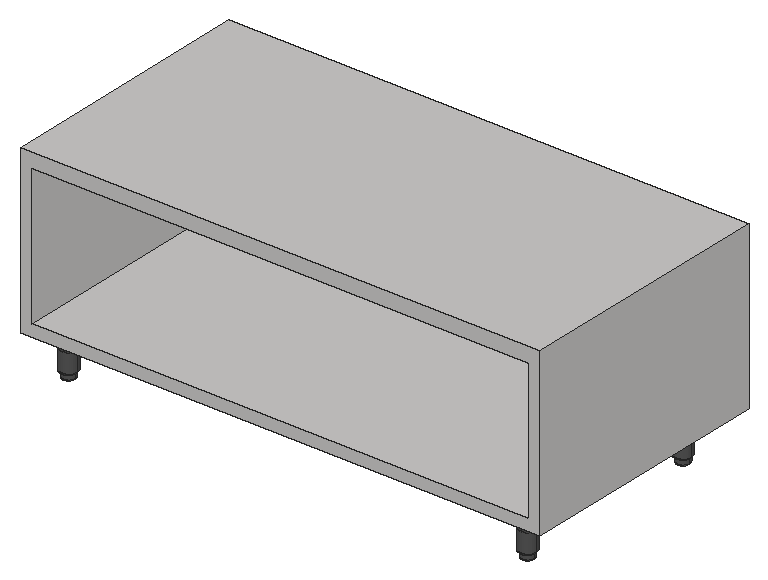
Revit family "QF_CAPIC_PO_W293027", category Equipement spécialisé, Revit 2018
Family settings
  Cote de connecteur circulaire = Utiliser le diamètre
  Type d'élément = Normal
  Numéro OmniClass = 23.40.40.14
  Titre OmniClass = Food Service Equipment
  Basée sur le plan de construction = Non
  Toujours verticalement = Oui
  Couper avec des vides une fois chargée = Non
  Partagée = Non
  Point de calcul de pièce = Non
Parameters (values of type "L=1600mm")
  URL catalogue = "http://www.capic-fr.com/fr/"
  Type de Raccord Plomberie [instance] = ""
  Type de Raccord Electrique [instance] = ""
  Type de Gaz = ""
  Type article [instance] = ""
  Tension = 0 V
  Spécification du Fabricant = ""
  Show Logo = yes
  Remarques evacuation [instance] = ""
  Remarques Plomberie [instance] = ""
  Remarques Electricité [instance] = ""
  Puissance électrique  = 0 W
  Puissance Gaz kW = 0
  Profondeur hors tout = 801 mm
  Pression Maximum Eau Adoucie = 0.0 Pa
  Poids net à vide = 100.00 kg
  Phase = 0
  Modèle = "W293027"
  Longueur hors tout = 1600 mm
  Intensité nominale = 0 A
  Hauteur hors tout = 630 mm
  Hauteur de Raccordement du Sol Finis = 0 mm
  Hauteur de Raccordement Gaz du Sol Finis = 0 mm
  Hauteur de Raccordement Evacuation Directe du Sol Finis = 0 mm
  Hauteur de Raccordement Eau Froide du Sol Finis = 0 mm
  Hauteur de Raccordement Eau Chaude du Sol Finis = 0 mm
  Hauteur de Raccordement Eau Adoucie du Sol Finis = 0 mm
  Fréquence = 0 Hz
  Fabricant = "CAPIC"
  Débit d'air d'extraction = 0.0 m³/h
  Débit Gaz = 0.0 L/s
  Débit Eau Froide = 0.0 L/s
  Débit Eau Chaude = 0.0 L/s
  Débit Eau Adoucie = 0.0 L/s
  Diamètre de Raccordement Gaz = 0 mm
  Diamètre de Raccordement Evacuation = 0 mm
  Diamètre de Raccordement Eau Froide = 0 mm
  Diamètre de Raccordement Eau Chaude = 0 mm
  Diamètre de Raccordement Eau Adoucie = 0 mm
  Description = "Placard Ouvert"
  Assembly Code = ""
  Classification  Omniclass nombre et titre = "23.40.40.14"
Reference planes
  plane 1 "Centre (avant/arrière)": y = 0
  plane 2: z = 0
  plane 3 "Centre (gauche/droite)": x = 0
  plane 4 "Centre G/E": y = 0
  plane 5: y = -838
  plane 6: x = 1600
  plane 7: x = 1598
  plane 8: x = 2
  plane 9: x = 1565
  plane 10: y = -818
  plane 11: x = 1558
  plane 12: y = -223
  plane 13: y = -820
  plane 14: z = 141
  plane 15: x = 42
  plane 16: x = 35
  plane 17: y = -182
  plane 18: z = 621
  plane 19: z = 120
  plane 20: y = -37
Forms (mm)
  Extrusion 1, solid, material "QF_Stainless Steel-Brushed"
    sketch origin (1480, 0, 0) x (1, 0, 0) y (0, 0, 1)
      loop
        line (-1480, 630) -> (-1480, 120) -> (120, 120) -> (120, 630) -> (-1480, 630)
    from 838 to 37
  Extrusion 2, void
    sketch origin (1480, 0, 0) x (1, 0, 0) y (0, 0, 1)
      loop
        line (-1445, 155.456) -> (85, 155.456) -> (85, 585.456) -> (-1445, 585.456) -> (-1445, 155.456)
    from 838 to 182
  Extrusion 3, void
    sketch origin (1480, 0, 0) x (1, 0, 0) y (0, 1, 0)
      loop
        line (-1445, -182) -> (-1445, -820) -> (85, -820) -> (85, -182) -> (-1445, -182)
    from 120 to 141
Cuts and joins
  Extrusion 2, Extrusion 3 cuts Extrusion 1
Dimensions and locks
  locked: plane 9 to plane 6 at 35
  locked: plane 10 to plane 5 at 20
  "Profondeur hors tout": plane 5 to plane 20
  locked: plane 12 to plane 13 at 597
  locked: plane 7 to plane 6 at 2
  locked: plane 3 "Centre (gauche/droite)" to plane 8 at 2
  "Longueur hors tout": plane 3 "Centre (gauche/droite)" to plane 6
  locked: plane 3 "Centre (gauche/droite)" to plane 16 at 35
  locked: plane 13 to plane 5 at 18
  locked: plane 3 "Centre (gauche/droite)" to plane 15 at 42
  locked: plane 11 to plane 6 at 42
  locked: plane 17 to plane 5 at 656
  plane 14 to plane 19 to plane 2 = 21 mm locked, 120 mm locked
  locked: plane 20 to plane 4 "Centre G/E" at 37
  aligned and locked: level to plane 2
  aligned and locked: Extrusion 1 to Extrusion 2
  aligned and locked: cut or joined group of Extrusion 1, Extrusion 2, Extrusion 3 to plane 5
  aligned and locked: nested 1 to plane 14
  aligned and locked: nested 2 to plane 14
  aligned and locked: nested 2 to plane 13
  aligned and locked: nested 2 to plane 15
  aligned and locked: nested 1 to plane 15
  aligned and locked: nested 1 to plane 12
  aligned and locked: nested 3 to plane 11
  aligned and locked: nested 4 to plane 11
  aligned and locked: plane 13 to nested 4
  aligned and locked: Extrusion 3 to plane 13
  aligned and locked: plane 17 to cut or joined group of Extrusion 1, Extrusion 2, Extrusion 3
  aligned and locked: plane 12 to nested 3
  aligned and locked: cut or joined group of Extrusion 1, Extrusion 2, Extrusion 3 to plane 17
  aligned and locked: cut or joined group of Extrusion 1, Extrusion 2, Extrusion 3 to plane 20
Automatic sketch dimensions
  Extrusion 1 sketch curve to plane 3 "Centre (gauche/droite)" = 0 mm
  Extrusion 1 sketch curve to plane 6 = 0 mm
  level to Extrusion 1 sketch curve = 120 mm
  Extrusion 1 sketch curve to Extrusion 1 sketch curve = 510 mm
  Extrusion 2 sketch curve to plane 9 = 0 mm
  level to Extrusion 2 sketch curve = 155.456 mm
  Extrusion 2 sketch curve to Extrusion 2 sketch curve = 430 mm
  Extrusion 3 sketch curve to plane 9 = 0 mm
  Extrusion 3 sketch curve to plane 10 = 2 mm
  plane 1 "Centre (avant/arrière)" to Extrusion 3 sketch curve = 182 mm
  Extrusion 2 sketch curve to plane 8 = 33 mm
  Extrusion 3 sketch curve to plane 8 = 33 mm
Nested families
  nested 1: "QF_Details_Pied" at (93.5, -223, 0), type "QF_Details_Pied"
  nested 2: "QF_Details_Pied" at (93.5, -820, 0), type "QF_Details_Pied"
  nested 3: "QF_Details_Pied" at (1506.5, -223, 0), type "QF_Details_Pied"
  nested 4: "QF_Details_Pied" at (1506.5, -820, 0), type "QF_Details_Pied"
Definition of nested family "QF_Details_Pied"
  Reference planes
    plane 1 "Centre (avant/arrière)": y = 0
    plane 2: z = 0
    plane 3 "Centre (gauche/droite)": x = 0
  Forms (mm)
    Extrusion 1, solid
      sketch origin (-137.492, 51.5, -340.756) x (1, 0, 0) y (0, 0, 1)
        loop
          line (85.992, 481.756) -> (85.992, 472.756) -> (188.992, 472.756) -> (188.992, 481.756) -> (85.992, 481.756)
      from -51.5 to 51.5
    Revolve 2, solid
      sketch origin (0, 51.5, -9) x (1, 0, 0) y (0, 0, 1)
        loop
          line (0, 141) -> (0, 9) -> (19.21, 9) -> (19.21, 13) -> (20.21, 13) -> (20.21, 26) -> (21.71, 26) -> (26.66, 30.95) -> (26.66, 90.95) -> (31.468, 136.698) -> (36.246, 141) -> (0, 141)
        axis (0, 141) -> (0, 9)
      angle from 0 to 360
  Dimensions and locks
    aligned and locked: level to plane 2
    aligned and locked: Extrusion 1 to Revolve 2 sketch curve
